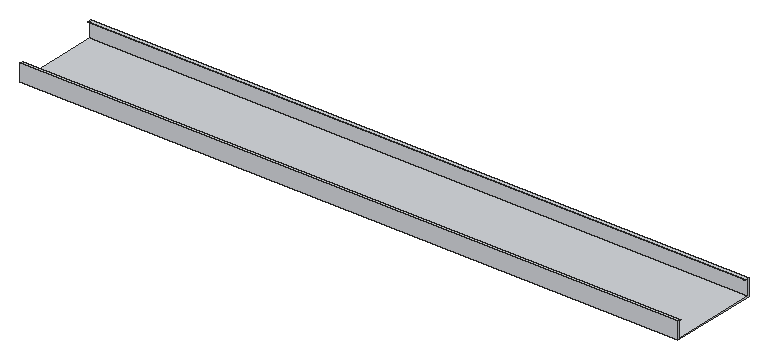
Revit family "SSMA Standard Stud", category Structural Framing, Revit 2026
Family settings
  Section Shape = Not Defined
  Material for Model Behavior = Other
  Always export as geometry = No
  Classification Number = 23.25.30.11.14.14
  Always vertical = Yes
  Cut with Voids When Loaded = No
  Symbolic Representation = From Family
  Shared = No
  Show family pre-cut in plan views = Yes
Parameters (values of type "1600S300-68mil, 50 ksi")
  Version = "2.0"
  URL = "http://www.steelnetwork.com/product.aspx/SSMA_SSectionStud"
  T = 0' - 0.0713"
  Stud_D = 1' - 0"
  Section_DB = 2
  Manufacturer = "The Steel Network, Inc."
  Length [instance] = 10' - 0"
  D = 1' - 4"
  C = 0' - 0 5/8"
  B = 0' - 3"
Types (412): name | T | D | C | B
  (no name) | 0' - 0 13/128" | 1' - 0 91/256" | 0' - 0 5/8" | 0' - 2"
  250S137-33mil, 33 ksi | 0' - 0.0346" | 0' - 2 1/2" | 0' - 0 3/8" | 0' - 1 3/8"
  250S137-43mil, 33 ksi | 0' - 0.0451" | 0' - 2 1/2" | 0' - 0 3/8" | 0' - 1 3/8"
  250S137-54mil, 33 ksi | 0' - 0.0566" | 0' - 2 1/2" | 0' - 0 3/8" | 0' - 1 3/8"
  250S137-54mil, 50 ksi | 0' - 0.0566" | 0' - 2 1/2" | 0' - 0 3/8" | 0' - 1 3/8"
  250S137-68mil, 33 ksi | 0' - 0.0713" | 0' - 2 1/2" | 0' - 0 3/8" | 0' - 1 3/8"
  250S137-68mil, 50 ksi | 0' - 0.0713" | 0' - 2 1/2" | 0' - 0 3/8" | 0' - 1 3/8"
  250S162-33mil, 33 ksi | 0' - 0.0346" | 0' - 2 1/2" | 0' - 0 1/2" | 0' - 1 5/8"
  250S162-43mil, 33 ksi | 0' - 0.0451" | 0' - 2 1/2" | 0' - 0 1/2" | 0' - 1 5/8"
  250S162-54mil, 33 ksi | 0' - 0.0566" | 0' - 2 1/2" | 0' - 0 1/2" | 0' - 1 5/8"
  250S162-54mil, 50 ksi | 0' - 0.0566" | 0' - 2 1/2" | 0' - 0 1/2" | 0' - 1 5/8"
  250S162-68mil, 33 ksi | 0' - 0.0713" | 0' - 2 1/2" | 0' - 0 1/2" | 0' - 1 5/8"
  250S162-68mil, 50 ksi | 0' - 0.0713" | 0' - 2 1/2" | 0' - 0 1/2" | 0' - 1 5/8"
  250S200-33mil, 33 ksi | 0' - 0.0346" | 0' - 2 1/2" | 0' - 0 5/8" | 0' - 2"
  250S200-43mil, 33 ksi | 0' - 0.0451" | 0' - 2 1/2" | 0' - 0 5/8" | 0' - 2"
  250S200-54mil, 33 ksi | 0' - 0.0566" | 0' - 2 1/2" | 0' - 0 5/8" | 0' - 2"
  250S200-54mil, 50 ksi | 0' - 0.0566" | 0' - 2 1/2" | 0' - 0 5/8" | 0' - 2"
  250S200-68mil, 33 ksi | 0' - 0.0713" | 0' - 2 1/2" | 0' - 0 5/8" | 0' - 2"
  250S200-68mil, 50 ksi | 0' - 0.0713" | 0' - 2 1/2" | 0' - 0 5/8" | 0' - 2"
  250S250-43mil, 33 ksi | 0' - 0.0451" | 0' - 2 1/2" | 0' - 0 5/8" | 0' - 2 1/2"
  250S250-54mil, 33 ksi | 0' - 0.0566" | 0' - 2 1/2" | 0' - 0 5/8" | 0' - 2 1/2"
  250S250-54mil, 50 ksi | 0' - 0.0566" | 0' - 2 1/2" | 0' - 0 5/8" | 0' - 2 1/2"
  250S250-68mil, 33 ksi | 0' - 0.0713" | 0' - 2 1/2" | 0' - 0 5/8" | 0' - 2 1/2"
  250S250-68mil, 50 ksi | 0' - 0.0713" | 0' - 2 1/2" | 0' - 0 5/8" | 0' - 2 1/2"
  350S137-33mil, 33 ksi | 0' - 0.0346" | 0' - 3 1/2" | 0' - 0 3/8" | 0' - 1 3/8"
  350S137-43mil, 33 ksi | 0' - 0.0451" | 0' - 3 1/2" | 0' - 0 3/8" | 0' - 1 3/8"
  350S137-54mil, 33 ksi | 0' - 0.0566" | 0' - 3 1/2" | 0' - 0 3/8" | 0' - 1 3/8"
  350S137-54mil, 50 ksi | 0' - 0.0566" | 0' - 3 1/2" | 0' - 0 3/8" | 0' - 1 3/8"
  350S137-68mil, 33 ksi | 0' - 0.0713" | 0' - 3 1/2" | 0' - 0 3/8" | 0' - 1 3/8"
  350S137-68mil, 50 ksi | 0' - 0.0713" | 0' - 3 1/2" | 0' - 0 3/8" | 0' - 1 3/8"
  350S162-33mil, 33 ksi | 0' - 0.0346" | 0' - 3 1/2" | 0' - 0 1/2" | 0' - 1 5/8"
  350S162-43mil, 33 ksi | 0' - 0.0451" | 0' - 3 1/2" | 0' - 0 1/2" | 0' - 1 5/8"
  350S162-54mil, 33 ksi | 0' - 0.0566" | 0' - 3 1/2" | 0' - 0 1/2" | 0' - 1 5/8"
  350S162-54mil, 50 ksi | 0' - 0.0566" | 0' - 3 1/2" | 0' - 0 1/2" | 0' - 1 5/8"
  350S162-68mil, 33 ksi | 0' - 0.0713" | 0' - 3 1/2" | 0' - 0 1/2" | 0' - 1 5/8"
  350S162-68mil, 50 ksi | 0' - 0.0713" | 0' - 3 1/2" | 0' - 0 1/2" | 0' - 1 5/8"
  350S162-97mil, 33 ksi | 0' - 0.1017" | 0' - 3 1/2" | 0' - 0 1/2" | 0' - 1 5/8"
  350S162-97mil, 50 ksi | 0' - 0.1017" | 0' - 3 1/2" | 0' - 0 1/2" | 0' - 1 5/8"
  350S200-33mil, 33 ksi | 0' - 0.0346" | 0' - 3 1/2" | 0' - 0 5/8" | 0' - 2"
  350S200-43mil, 33 ksi | 0' - 0.0451" | 0' - 3 1/2" | 0' - 0 5/8" | 0' - 2"
  350S200-54mil, 33 ksi | 0' - 0.0566" | 0' - 3 1/2" | 0' - 0 5/8" | 0' - 2"
  350S200-54mil, 50 ksi | 0' - 0.0566" | 0' - 3 1/2" | 0' - 0 5/8" | 0' - 2"
  350S200-68mil, 33 ksi | 0' - 0.0713" | 0' - 3 1/2" | 0' - 0 5/8" | 0' - 2"
  350S200-68mil, 50 ksi | 0' - 0.0713" | 0' - 3 1/2" | 0' - 0 5/8" | 0' - 2"
  350S200-97mil, 33 ksi | 0' - 0.1017" | 0' - 3 1/2" | 0' - 0 5/8" | 0' - 2"
  350S200-97mil, 50 ksi | 0' - 0.1017" | 0' - 3 1/2" | 0' - 0 5/8" | 0' - 2"
  350S250-43mil, 33 ksi | 0' - 0.0451" | 0' - 3 1/2" | 0' - 0 5/8" | 0' - 2 1/2"
  350S250-54mil, 33 ksi | 0' - 0.0566" | 0' - 3 1/2" | 0' - 0 5/8" | 0' - 2 1/2"
  350S250-54mil, 50 ksi | 0' - 0.0566" | 0' - 3 1/2" | 0' - 0 5/8" | 0' - 2 1/2"
  350S250-68mil, 33 ksi | 0' - 0.0713" | 0' - 3 1/2" | 0' - 0 5/8" | 0' - 2 1/2"
  350S250-68mil, 50 ksi | 0' - 0.0713" | 0' - 3 1/2" | 0' - 0 5/8" | 0' - 2 1/2"
  350S250-97mil, 33 ksi | 0' - 0.1017" | 0' - 3 1/2" | 0' - 0 5/8" | 0' - 2 1/2"
  350S250-97mil, 50 ksi | 0' - 0.1017" | 0' - 3 1/2" | 0' - 0 5/8" | 0' - 2 1/2"
  362S137-33mil, 33 ksi | 0' - 0.0346" | 0' - 3 5/8" | 0' - 0 3/8" | 0' - 1 3/8"
  362S137-43mil, 33 ksi | 0' - 0.0451" | 0' - 3 5/8" | 0' - 0 3/8" | 0' - 1 3/8"
  362S137-54mil, 33 ksi | 0' - 0.0566" | 0' - 3 5/8" | 0' - 0 3/8" | 0' - 1 3/8"
  362S137-54mil, 50 ksi | 0' - 0.0566" | 0' - 3 5/8" | 0' - 0 3/8" | 0' - 1 3/8"
  362S137-68mil, 33 ksi | 0' - 0.0713" | 0' - 3 5/8" | 0' - 0 3/8" | 0' - 1 3/8"
  362S137-68mil, 50 ksi | 0' - 0.0713" | 0' - 3 5/8" | 0' - 0 3/8" | 0' - 1 3/8"
  362S137-97mil, 33 ksi | 0' - 0.1017" | 0' - 3 5/8" | 0' - 0 3/8" | 0' - 1 3/8"
  362S137-97mil, 50 ksi | 0' - 0.1017" | 0' - 3 5/8" | 0' - 0 3/8" | 0' - 1 3/8"
  362S162-33mil, 33 ksi | 0' - 0.0346" | 0' - 3 5/8" | 0' - 0 1/2" | 0' - 1 5/8"
  362S162-43mil, 33 ksi | 0' - 0.0451" | 0' - 3 5/8" | 0' - 0 1/2" | 0' - 1 5/8"
  362S162-54mil, 33 ksi | 0' - 0.0566" | 0' - 3 5/8" | 0' - 0 1/2" | 0' - 1 5/8"
  362S162-54mil, 50 ksi | 0' - 0.0566" | 0' - 3 5/8" | 0' - 0 1/2" | 0' - 1 5/8"
  362S162-68mil, 33 ksi | 0' - 0.0713" | 0' - 3 5/8" | 0' - 0 1/2" | 0' - 1 5/8"
  362S162-68mil, 50 ksi | 0' - 0.0713" | 0' - 3 5/8" | 0' - 0 1/2" | 0' - 1 5/8"
  362S162-97mil, 33 ksi | 0' - 0.1017" | 0' - 3 5/8" | 0' - 0 1/2" | 0' - 1 5/8"
  362S162-97mil, 50 ksi | 0' - 0.1017" | 0' - 3 5/8" | 0' - 0 1/2" | 0' - 1 5/8"
  362S200-33mil, 33 ksi | 0' - 0.0346" | 0' - 3 5/8" | 0' - 0 5/8" | 0' - 2"
  362S200-43mil, 33 ksi | 0' - 0.0451" | 0' - 3 5/8" | 0' - 0 5/8" | 0' - 2"
  362S200-54mil, 33 ksi | 0' - 0.0566" | 0' - 3 5/8" | 0' - 0 5/8" | 0' - 2"
  362S200-54mil, 50 ksi | 0' - 0.0566" | 0' - 3 5/8" | 0' - 0 5/8" | 0' - 2"
  362S200-68mil, 33 ksi | 0' - 0.0713" | 0' - 3 5/8" | 0' - 0 5/8" | 0' - 2"
  362S200-68mil, 50 ksi | 0' - 0.0713" | 0' - 3 5/8" | 0' - 0 5/8" | 0' - 2"
  362S200-97mil, 33 ksi | 0' - 0.1017" | 0' - 3 5/8" | 0' - 0 5/8" | 0' - 2"
  362S200-97mil, 50 ksi | 0' - 0.1017" | 0' - 3 5/8" | 0' - 0 5/8" | 0' - 2"
  362S250-43mil, 33 ksi | 0' - 0.0451" | 0' - 3 5/8" | 0' - 0 5/8" | 0' - 2 1/2"
  362S250-54mil, 33 ksi | 0' - 0.0566" | 0' - 3 5/8" | 0' - 0 5/8" | 0' - 2 1/2"
  362S250-54mil, 50 ksi | 0' - 0.0566" | 0' - 3 5/8" | 0' - 0 5/8" | 0' - 2 1/2"
  362S250-68mil, 33 ksi | 0' - 0.0713" | 0' - 3 5/8" | 0' - 0 5/8" | 0' - 2 1/2"
  362S250-68mil, 50 ksi | 0' - 0.0713" | 0' - 3 5/8" | 0' - 0 5/8" | 0' - 2 1/2"
  362S250-97mil, 33 ksi | 0' - 0.1017" | 0' - 3 5/8" | 0' - 0 5/8" | 0' - 2 1/2"
  362S250-97mil, 50 ksi | 0' - 0.1017" | 0' - 3 5/8" | 0' - 0 5/8" | 0' - 2 1/2"
  400S137-33mil, 33 ksi | 0' - 0.0346" | 0' - 4" | 0' - 0 3/8" | 0' - 1 3/8"
  400S137-43mil, 33 ksi | 0' - 0.0451" | 0' - 4" | 0' - 0 3/8" | 0' - 1 3/8"
  400S137-54mil, 33 ksi | 0' - 0.0566" | 0' - 4" | 0' - 0 3/8" | 0' - 1 3/8"
  400S137-54mil, 50 ksi | 0' - 0.0566" | 0' - 4" | 0' - 0 3/8" | 0' - 1 3/8"
  400S137-68mil, 33 ksi | 0' - 0.0713" | 0' - 4" | 0' - 0 3/8" | 0' - 1 3/8"
  400S137-68mil, 50 ksi | 0' - 0.0713" | 0' - 4" | 0' - 0 3/8" | 0' - 1 3/8"
  400S137-97mil, 33 ksi | 0' - 0.1017" | 0' - 4" | 0' - 0 3/8" | 0' - 1 3/8"
  400S137-97mil, 50 ksi | 0' - 0.1017" | 0' - 4" | 0' - 0 3/8" | 0' - 1 3/8"
  400S162-33mil, 33 ksi | 0' - 0.0346" | 0' - 4" | 0' - 0 1/2" | 0' - 1 5/8"
  400S162-43mil, 33 ksi | 0' - 0.0451" | 0' - 4" | 0' - 0 1/2" | 0' - 1 5/8"
  400S162-54mil, 33 ksi | 0' - 0.0566" | 0' - 4" | 0' - 0 1/2" | 0' - 1 5/8"
  400S162-54mil, 50 ksi | 0' - 0.0566" | 0' - 4" | 0' - 0 1/2" | 0' - 1 5/8"
  400S162-68mil, 33 ksi | 0' - 0.0713" | 0' - 4" | 0' - 0 1/2" | 0' - 1 5/8"
  400S162-68mil, 50 ksi | 0' - 0.0713" | 0' - 4" | 0' - 0 1/2" | 0' - 1 5/8"
  400S162-97mil, 33 ksi | 0' - 0.1017" | 0' - 4" | 0' - 0 1/2" | 0' - 1 5/8"
  400S162-97mil, 50 ksi | 0' - 0.1017" | 0' - 4" | 0' - 0 1/2" | 0' - 1 5/8"
  400S200-33mil, 33 ksi | 0' - 0.0346" | 0' - 4" | 0' - 0 5/8" | 0' - 2"
  400S200-43mil, 33 ksi | 0' - 0.0451" | 0' - 4" | 0' - 0 5/8" | 0' - 2"
  400S200-54mil, 33 ksi | 0' - 0.0566" | 0' - 4" | 0' - 0 5/8" | 0' - 2"
  400S200-54mil, 50 ksi | 0' - 0.0566" | 0' - 4" | 0' - 0 5/8" | 0' - 2"
  400S200-68mil, 33 ksi | 0' - 0.0713" | 0' - 4" | 0' - 0 5/8" | 0' - 2"
  400S200-68mil, 50 ksi | 0' - 0.0713" | 0' - 4" | 0' - 0 5/8" | 0' - 2"
  400S200-97mil, 33 ksi | 0' - 0.1017" | 0' - 4" | 0' - 0 5/8" | 0' - 2"
  400S200-97mil, 50 ksi | 0' - 0.1017" | 0' - 4" | 0' - 0 5/8" | 0' - 2"
  400S250-43mil, 33 ksi | 0' - 0.0451" | 0' - 4" | 0' - 0 5/8" | 0' - 2 1/2"
  400S250-54mil, 33 ksi | 0' - 0.0566" | 0' - 4" | 0' - 0 5/8" | 0' - 2 1/2"
  400S250-54mil, 50 ksi | 0' - 0.0566" | 0' - 4" | 0' - 0 5/8" | 0' - 2 1/2"
  400S250-68mil, 33 ksi | 0' - 0.0713" | 0' - 4" | 0' - 0 5/8" | 0' - 2 1/2"
  400S250-68mil, 50 ksi | 0' - 0.0713" | 0' - 4" | 0' - 0 5/8" | 0' - 2 1/2"
  400S250-97mil, 33 ksi | 0' - 0.1017" | 0' - 4" | 0' - 0 5/8" | 0' - 2 1/2"
  400S250-97mil, 50 ksi | 0' - 0.1017" | 0' - 4" | 0' - 0 5/8" | 0' - 2 1/2"
  550S137-33mil, 33 ksi | 0' - 0.0346" | 0' - 5 1/2" | 0' - 0 3/8" | 0' - 1 3/8"
  550S137-43mil, 33 ksi | 0' - 0.0451" | 0' - 5 1/2" | 0' - 0 3/8" | 0' - 1 3/8"
  550S137-54mil, 33 ksi | 0' - 0.0566" | 0' - 5 1/2" | 0' - 0 3/8" | 0' - 1 3/8"
  550S137-54mil, 50 ksi | 0' - 0.0566" | 0' - 5 1/2" | 0' - 0 3/8" | 0' - 1 3/8"
  550S137-68mil, 33 ksi | 0' - 0.0713" | 0' - 5 1/2" | 0' - 0 3/8" | 0' - 1 3/8"
  550S137-68mil, 50 ksi | 0' - 0.0713" | 0' - 5 1/2" | 0' - 0 3/8" | 0' - 1 3/8"
  550S137-97mil, 33 ksi | 0' - 0.1017" | 0' - 5 1/2" | 0' - 0 3/8" | 0' - 1 3/8"
  550S137-97mil, 50 ksi | 0' - 0.1017" | 0' - 5 1/2" | 0' - 0 3/8" | 0' - 1 3/8"
  550S162-33mil, 33 ksi | 0' - 0.0346" | 0' - 5 1/2" | 0' - 0 1/2" | 0' - 1 5/8"
  550S162-43mil, 33 ksi | 0' - 0.0451" | 0' - 5 1/2" | 0' - 0 1/2" | 0' - 1 5/8"
  550S162-54mil, 33 ksi | 0' - 0.0566" | 0' - 5 1/2" | 0' - 0 1/2" | 0' - 1 5/8"
  550S162-54mil, 50 ksi | 0' - 0.0566" | 0' - 5 1/2" | 0' - 0 1/2" | 0' - 1 5/8"
  550S162-68mil, 33 ksi | 0' - 0.0713" | 0' - 5 1/2" | 0' - 0 1/2" | 0' - 1 5/8"
  550S162-68mil, 50 ksi | 0' - 0.0713" | 0' - 5 1/2" | 0' - 0 1/2" | 0' - 1 5/8"
  550S162-97mil, 33 ksi | 0' - 0.1017" | 0' - 5 1/2" | 0' - 0 1/2" | 0' - 1 5/8"
  550S162-97mil, 50 ksi | 0' - 0.1017" | 0' - 5 1/2" | 0' - 0 1/2" | 0' - 1 5/8"
  550S200-33mil, 33 ksi | 0' - 0.0346" | 0' - 5 1/2" | 0' - 0 5/8" | 0' - 2"
  550S200-43mil, 33 ksi | 0' - 0.0451" | 0' - 5 1/2" | 0' - 0 5/8" | 0' - 2"
  550S200-54mil, 33 ksi | 0' - 0.0566" | 0' - 5 1/2" | 0' - 0 5/8" | 0' - 2"
  550S200-54mil, 50 ksi | 0' - 0.0566" | 0' - 5 1/2" | 0' - 0 5/8" | 0' - 2"
  550S200-68mil, 33 ksi | 0' - 0.0713" | 0' - 5 1/2" | 0' - 0 5/8" | 0' - 2"
  550S200-68mil, 50 ksi | 0' - 0.0713" | 0' - 5 1/2" | 0' - 0 5/8" | 0' - 2"
  550S200-97mil, 33 ksi | 0' - 0.1017" | 0' - 5 1/2" | 0' - 0 5/8" | 0' - 2"
  550S200-97mil, 50 ksi | 0' - 0.1017" | 0' - 5 1/2" | 0' - 0 5/8" | 0' - 2"
  600S137-33mil, 33 ksi | 0' - 0.0346" | 0' - 6" | 0' - 0 3/8" | 0' - 1 3/8"
  600S137-43mil, 33 ksi | 0' - 0.0451" | 0' - 6" | 0' - 0 3/8" | 0' - 1 3/8"
  600S137-54mil, 33 ksi | 0' - 0.0566" | 0' - 6" | 0' - 0 3/8" | 0' - 1 3/8"
  600S137-54mil, 50 ksi | 0' - 0.0566" | 0' - 6" | 0' - 0 3/8" | 0' - 1 3/8"
  600S137-68mil, 33 ksi | 0' - 0.0713" | 0' - 6" | 0' - 0 3/8" | 0' - 1 3/8"
  600S137-68mil, 50 ksi | 0' - 0.0713" | 0' - 6" | 0' - 0 3/8" | 0' - 1 3/8"
  600S137-97mil, 33 ksi | 0' - 0.1017" | 0' - 6" | 0' - 0 3/8" | 0' - 1 3/8"
  600S137-97mil, 50 ksi | 0' - 0.1017" | 0' - 6" | 0' - 0 3/8" | 0' - 1 3/8"
  600S162-33mil, 33 ksi | 0' - 0.0346" | 0' - 6" | 0' - 0 1/2" | 0' - 1 5/8"
  600S162-43mil, 33 ksi | 0' - 0.0451" | 0' - 6" | 0' - 0 1/2" | 0' - 1 5/8"
  600S162-54mil, 33 ksi | 0' - 0.0566" | 0' - 6" | 0' - 0 1/2" | 0' - 1 5/8"
  600S162-54mil, 50 ksi | 0' - 0.0566" | 0' - 6" | 0' - 0 1/2" | 0' - 1 5/8"
  600S162-68mil, 33 ksi | 0' - 0.0713" | 0' - 6" | 0' - 0 1/2" | 0' - 1 5/8"
  600S162-68mil, 50 ksi | 0' - 0.0713" | 0' - 6" | 0' - 0 1/2" | 0' - 1 5/8"
  600S162-97mil, 33 ksi | 0' - 0.1017" | 0' - 6" | 0' - 0 1/2" | 0' - 1 5/8"
  600S162-97mil, 50 ksi | 0' - 0.1017" | 0' - 6" | 0' - 0 1/2" | 0' - 1 5/8"
  600S162-118mil, 50 ksi | 0' - 0.1242" | 0' - 6" | 0' - 0 1/2" | 0' - 1 5/8"
  600S200-33mil, 33 ksi | 0' - 0.0346" | 0' - 6" | 0' - 0 5/8" | 0' - 2"
  600S200-43mil, 33 ksi | 0' - 0.0451" | 0' - 6" | 0' - 0 5/8" | 0' - 2"
  600S200-54mil, 33 ksi | 0' - 0.0566" | 0' - 6" | 0' - 0 5/8" | 0' - 2"
  600S200-54mil, 50 ksi | 0' - 0.0566" | 0' - 6" | 0' - 0 5/8" | 0' - 2"
  600S200-68mil, 33 ksi | 0' - 0.0713" | 0' - 6" | 0' - 0 5/8" | 0' - 2"
  600S200-68mil, 50 ksi | 0' - 0.0713" | 0' - 6" | 0' - 0 5/8" | 0' - 2"
  600S200-97mil, 33 ksi | 0' - 0.1017" | 0' - 6" | 0' - 0 5/8" | 0' - 2"
  600S200-97mil, 50 ksi | 0' - 0.1017" | 0' - 6" | 0' - 0 5/8" | 0' - 2"
  600S200-118mil, 50 ksi | 0' - 0.1242" | 0' - 6" | 0' - 0 5/8" | 0' - 2"
  600S250-43mil, 33 ksi | 0' - 0.0451" | 0' - 6" | 0' - 0 5/8" | 0' - 2 1/2"
  600S250-54mil, 33 ksi | 0' - 0.0566" | 0' - 6" | 0' - 0 5/8" | 0' - 2 1/2"
  600S250-54mil, 50 ksi | 0' - 0.0566" | 0' - 6" | 0' - 0 5/8" | 0' - 2 1/2"
  600S250-68mil, 33 ksi | 0' - 0.0713" | 0' - 6" | 0' - 0 5/8" | 0' - 2 1/2"
  600S250-68mil, 50 ksi | 0' - 0.0713" | 0' - 6" | 0' - 0 5/8" | 0' - 2 1/2"
  600S250-97mil, 33 ksi | 0' - 0.1017" | 0' - 6" | 0' - 0 5/8" | 0' - 2 1/2"
  600S250-97mil, 50 ksi | 0' - 0.1017" | 0' - 6" | 0' - 0 5/8" | 0' - 2 1/2"
  600S250-118mil, 50 ksi | 0' - 0.1242" | 0' - 6" | 0' - 0 5/8" | 0' - 2 1/2"
  600S300-54mil, 33 ksi | 0' - 0.0566" | 0' - 6" | 0' - 0 5/8" | 0' - 3"
  600S300-54mil, 50 ksi | 0' - 0.0566" | 0' - 6" | 0' - 0 5/8" | 0' - 3"
  600S300-68mil, 33 ksi | 0' - 0.0713" | 0' - 6" | 0' - 0 5/8" | 0' - 3"
  600S300-68mil, 50 ksi | 0' - 0.0713" | 0' - 6" | 0' - 0 5/8" | 0' - 3"
  600S300-97mil, 33 ksi | 0' - 0.1017" | 0' - 6" | 0' - 0 5/8" | 0' - 3"
  600S300-97mil, 50 ksi | 0' - 0.1017" | 0' - 6" | 0' - 0 5/8" | 0' - 3"
  600S300-118mil, 50 ksi | 0' - 0.1242" | 0' - 6" | 0' - 0 5/8" | 0' - 3"
  600S350-54mil, 33 ksi | 0' - 0.0566" | 0' - 6" | 0' - 1" | 0' - 3 1/2"
  600S350-54mil, 50 ksi | 0' - 0.0566" | 0' - 6" | 0' - 1" | 0' - 3 1/2"
  600S350-68mil, 33 ksi | 0' - 0.0713" | 0' - 6" | 0' - 1" | 0' - 3 1/2"
  600S350-68mil, 50 ksi | 0' - 0.0713" | 0' - 6" | 0' - 1" | 0' - 3 1/2"
  600S350-97mil, 33 ksi | 0' - 0.1017" | 0' - 6" | 0' - 1" | 0' - 3 1/2"
  600S350-97mil, 50 ksi | 0' - 0.1017" | 0' - 6" | 0' - 1" | 0' - 3 1/2"
  600S350-118mil, 50 ksi | 0' - 0.1242" | 0' - 6" | 0' - 1" | 0' - 3 1/2"
  800S137-33mil, 33 ksi | 0' - 0.0346" | 0' - 8" | 0' - 0 3/8" | 0' - 1 3/8"
  800S137-43mil, 33 ksi | 0' - 0.0451" | 0' - 8" | 0' - 0 3/8" | 0' - 1 3/8"
  800S137-54mil, 33 ksi | 0' - 0.0566" | 0' - 8" | 0' - 0 3/8" | 0' - 1 3/8"
  800S137-54mil, 50 ksi | 0' - 0.0566" | 0' - 8" | 0' - 0 3/8" | 0' - 1 3/8"
  800S137-68mil, 33 ksi | 0' - 0.0713" | 0' - 8" | 0' - 0 3/8" | 0' - 1 3/8"
  800S137-68mil, 50 ksi | 0' - 0.0713" | 0' - 8" | 0' - 0 3/8" | 0' - 1 3/8"
  800S137-97mil, 33 ksi | 0' - 0.1017" | 0' - 8" | 0' - 0 3/8" | 0' - 1 3/8"
  800S137-97mil, 50 ksi | 0' - 0.1017" | 0' - 8" | 0' - 0 3/8" | 0' - 1 3/8"
  800S162-33mil, 33 ksi | 0' - 0.0346" | 0' - 8" | 0' - 0 1/2" | 0' - 1 5/8"
  800S162-43mil, 33 ksi | 0' - 0.0451" | 0' - 8" | 0' - 0 1/2" | 0' - 1 5/8"
  800S162-54mil, 33 ksi | 0' - 0.0566" | 0' - 8" | 0' - 0 1/2" | 0' - 1 5/8"
  800S162-54mil, 50 ksi | 0' - 0.0566" | 0' - 8" | 0' - 0 1/2" | 0' - 1 5/8"
  800S162-68mil, 33 ksi | 0' - 0.0713" | 0' - 8" | 0' - 0 1/2" | 0' - 1 5/8"
  800S162-68mil, 50 ksi | 0' - 0.0713" | 0' - 8" | 0' - 0 1/2" | 0' - 1 5/8"
  800S162-97mil, 33 ksi | 0' - 0.1017" | 0' - 8" | 0' - 0 1/2" | 0' - 1 5/8"
  800S162-97mil, 50 ksi | 0' - 0.1017" | 0' - 8" | 0' - 0 1/2" | 0' - 1 5/8"
  800S162-118mil, 50 ksi | 0' - 0.1242" | 0' - 8" | 0' - 0 1/2" | 0' - 1 5/8"
  800S200-33mil, 33 ksi | 0' - 0.0346" | 0' - 8" | 0' - 0 5/8" | 0' - 2"
  800S200-43mil, 33 ksi | 0' - 0.0451" | 0' - 8" | 0' - 0 5/8" | 0' - 2"
  800S200-54mil, 33 ksi | 0' - 0.0566" | 0' - 8" | 0' - 0 5/8" | 0' - 2"
  800S200-54mil, 50 ksi | 0' - 0.0566" | 0' - 8" | 0' - 0 5/8" | 0' - 2"
  800S200-68mil, 33 ksi | 0' - 0.0713" | 0' - 8" | 0' - 0 5/8" | 0' - 2"
  800S200-68mil, 50 ksi | 0' - 0.0713" | 0' - 8" | 0' - 0 5/8" | 0' - 2"
  800S200-97mil, 33 ksi | 0' - 0.1017" | 0' - 8" | 0' - 0 5/8" | 0' - 2"
  800S200-97mil, 50 ksi | 0' - 0.1017" | 0' - 8" | 0' - 0 5/8" | 0' - 2"
  800S200-118mil, 50 ksi | 0' - 0.1242" | 0' - 8" | 0' - 0 5/8" | 0' - 2"
  800S250-43mil, 33 ksi | 0' - 0.0451" | 0' - 8" | 0' - 0 5/8" | 0' - 2 1/2"
  800S250-54mil, 33 ksi | 0' - 0.0566" | 0' - 8" | 0' - 0 5/8" | 0' - 2 1/2"
  800S250-54mil, 50 ksi | 0' - 0.0566" | 0' - 8" | 0' - 0 5/8" | 0' - 2 1/2"
  800S250-68mil, 33 ksi | 0' - 0.0713" | 0' - 8" | 0' - 0 5/8" | 0' - 2 1/2"
  800S250-68mil, 50 ksi | 0' - 0.0713" | 0' - 8" | 0' - 0 5/8" | 0' - 2 1/2"
  800S250-97mil, 33 ksi | 0' - 0.1017" | 0' - 8" | 0' - 0 5/8" | 0' - 2 1/2"
  800S250-97mil, 50 ksi | 0' - 0.1017" | 0' - 8" | 0' - 0 5/8" | 0' - 2 1/2"
  800S250-118mil, 50 ksi | 0' - 0.1242" | 0' - 8" | 0' - 0 5/8" | 0' - 2 1/2"
  800S300-54mil, 33 ksi | 0' - 0.0566" | 0' - 8" | 0' - 0 5/8" | 0' - 3"
  800S300-54mil, 50 ksi | 0' - 0.0566" | 0' - 8" | 0' - 0 5/8" | 0' - 3"
  800S300-68mil, 33 ksi | 0' - 0.0713" | 0' - 8" | 0' - 0 5/8" | 0' - 3"
  800S300-68mil, 50 ksi | 0' - 0.0713" | 0' - 8" | 0' - 0 5/8" | 0' - 3"
  800S300-97mil, 33 ksi | 0' - 0.1017" | 0' - 8" | 0' - 0 5/8" | 0' - 3"
  800S300-97mil, 50 ksi | 0' - 0.1017" | 0' - 8" | 0' - 0 5/8" | 0' - 3"
  800S300-118mil, 50 ksi | 0' - 0.1242" | 0' - 8" | 0' - 0 5/8" | 0' - 3"
  800S350-54mil, 33 ksi | 0' - 0.0566" | 0' - 8" | 0' - 1" | 0' - 3 1/2"
  800S350-54mil, 50 ksi | 0' - 0.0566" | 0' - 8" | 0' - 1" | 0' - 3 1/2"
  800S350-68mil, 33 ksi | 0' - 0.0713" | 0' - 8" | 0' - 1" | 0' - 3 1/2"
  800S350-68mil, 50 ksi | 0' - 0.0713" | 0' - 8" | 0' - 1" | 0' - 3 1/2"
  800S350-97mil, 33 ksi | 0' - 0.1017" | 0' - 8" | 0' - 1" | 0' - 3 1/2"
  800S350-97mil, 50 ksi | 0' - 0.1017" | 0' - 8" | 0' - 1" | 0' - 3 1/2"
  800S350-118mil, 50 ksi | 0' - 0.1242" | 0' - 8" | 0' - 1" | 0' - 3 1/2"
  925S162-43mil, 33 ksi | 0' - 0.0451" | 0' - 9 1/4" | 0' - 0 1/2" | 0' - 1 5/8"
  925S162-54mil, 33 ksi | 0' - 0.0566" | 0' - 9 1/4" | 0' - 0 1/2" | 0' - 1 5/8"
  925S162-54mil, 50 ksi | 0' - 0.0566" | 0' - 9 1/4" | 0' - 0 1/2" | 0' - 1 5/8"
  925S162-68mil, 33 ksi | 0' - 0.0713" | 0' - 9 1/4" | 0' - 0 1/2" | 0' - 1 5/8"
  925S162-68mil, 50 ksi | 0' - 0.0713" | 0' - 9 1/4" | 0' - 0 1/2" | 0' - 1 5/8"
  925S162-97mil, 33 ksi | 0' - 0.1017" | 0' - 9 1/4" | 0' - 0 1/2" | 0' - 1 5/8"
  925S162-97mil, 50 ksi | 0' - 0.1017" | 0' - 9 1/4" | 0' - 0 1/2" | 0' - 1 5/8"
  925S200-43mil, 33 ksi | 0' - 0.0451" | 0' - 9 1/4" | 0' - 0 5/8" | 0' - 2"
  925S200-54mil, 33 ksi | 0' - 0.0566" | 0' - 9 1/4" | 0' - 0 5/8" | 0' - 2"
  925S200-54mil, 50 ksi | 0' - 0.0566" | 0' - 9 1/4" | 0' - 0 5/8" | 0' - 2"
  925S200-68mil, 33 ksi | 0' - 0.0713" | 0' - 9 1/4" | 0' - 0 5/8" | 0' - 2"
  925S200-68mil, 50 ksi | 0' - 0.0713" | 0' - 9 1/4" | 0' - 0 5/8" | 0' - 2"
  925S200-97mil, 33 ksi | 0' - 0.1017" | 0' - 9 1/4" | 0' - 0 5/8" | 0' - 2"
  925S200-97mil, 50 ksi | 0' - 0.1017" | 0' - 9 1/4" | 0' - 0 5/8" | 0' - 2"
  925S250-43mil, 33 ksi | 0' - 0.0451" | 0' - 9 1/4" | 0' - 0 5/8" | 0' - 2 1/2"
  925S250-54mil, 33 ksi | 0' - 0.0566" | 0' - 9 1/4" | 0' - 0 5/8" | 0' - 2 1/2"
  925S250-54mil, 50 ksi | 0' - 0.0566" | 0' - 9 1/4" | 0' - 0 5/8" | 0' - 2 1/2"
  925S250-68mil, 33 ksi | 0' - 0.0713" | 0' - 9 1/4" | 0' - 0 5/8" | 0' - 2 1/2"
  925S250-68mil, 50 ksi | 0' - 0.0713" | 0' - 9 1/4" | 0' - 0 5/8" | 0' - 2 1/2"
  925S250-97mil, 33 ksi | 0' - 0.1017" | 0' - 9 1/4" | 0' - 0 5/8" | 0' - 2 1/2"
  925S250-97mil, 50 ksi | 0' - 0.1017" | 0' - 9 1/4" | 0' - 0 5/8" | 0' - 2 1/2"
  1000S137-43mil, 33 ksi | 0' - 0.0451" | 0' - 10" | 0' - 0 3/8" | 0' - 1 3/8"
  1000S137-54mil, 33 ksi | 0' - 0.0566" | 0' - 10" | 0' - 0 3/8" | 0' - 1 3/8"
  1000S137-54mil, 50 ksi | 0' - 0.0566" | 0' - 10" | 0' - 0 3/8" | 0' - 1 3/8"
  1000S137-68mil, 33 ksi | 0' - 0.0713" | 0' - 10" | 0' - 0 3/8" | 0' - 1 3/8"
  1000S137-68mil, 50 ksi | 0' - 0.0713" | 0' - 10" | 0' - 0 3/8" | 0' - 1 3/8"
  1000S162-43mil, 33 ksi | 0' - 0.0451" | 0' - 10" | 0' - 0 1/2" | 0' - 1 5/8"
  1000S162-54mil, 33 ksi | 0' - 0.0566" | 0' - 10" | 0' - 0 1/2" | 0' - 1 5/8"
  1000S162-54mil, 50 ksi | 0' - 0.0566" | 0' - 10" | 0' - 0 1/2" | 0' - 1 5/8"
  1000S162-68mil, 33 ksi | 0' - 0.0713" | 0' - 10" | 0' - 0 1/2" | 0' - 1 5/8"
  1000S162-68mil, 50 ksi | 0' - 0.0713" | 0' - 10" | 0' - 0 1/2" | 0' - 1 5/8"
  1000S162-97mil, 33 ksi | 0' - 0.1017" | 0' - 10" | 0' - 0 1/2" | 0' - 1 5/8"
  1000S162-97mil, 50 ksi | 0' - 0.1017" | 0' - 10" | 0' - 0 1/2" | 0' - 1 5/8"
  1000S162-118mil, 50 ksi | 0' - 0.1242" | 0' - 10" | 0' - 0 1/2" | 0' - 1 5/8"
  1000S200-43mil, 33 ksi | 0' - 0.0451" | 0' - 10" | 0' - 0 5/8" | 0' - 2"
  1000S200-54mil, 33 ksi | 0' - 0.0566" | 0' - 10" | 0' - 0 5/8" | 0' - 2"
  1000S200-54mil, 50 ksi | 0' - 0.0566" | 0' - 10" | 0' - 0 5/8" | 0' - 2"
  1000S200-68mil, 33 ksi | 0' - 0.0713" | 0' - 10" | 0' - 0 5/8" | 0' - 2"
  1000S200-68mil, 50 ksi | 0' - 0.0713" | 0' - 10" | 0' - 0 5/8" | 0' - 2"
  1000S200-97mil, 33 ksi | 0' - 0.1017" | 0' - 10" | 0' - 0 5/8" | 0' - 2"
  1000S200-97mil, 50 ksi | 0' - 0.1017" | 0' - 10" | 0' - 0 5/8" | 0' - 2"
  1000S200-118mil, 50 ksi | 0' - 0.1242" | 0' - 10" | 0' - 0 5/8" | 0' - 2"
  1000S250-43mil, 33 ksi | 0' - 0.0451" | 0' - 10" | 0' - 0 5/8" | 0' - 2 1/2"
  1000S250-54mil, 33 ksi | 0' - 0.0566" | 0' - 10" | 0' - 0 5/8" | 0' - 2 1/2"
  1000S250-54mil, 50 ksi | 0' - 0.0566" | 0' - 10" | 0' - 0 5/8" | 0' - 2 1/2"
  1000S250-68mil, 33 ksi | 0' - 0.0713" | 0' - 10" | 0' - 0 5/8" | 0' - 2 1/2"
  1000S250-68mil, 50 ksi | 0' - 0.0713" | 0' - 10" | 0' - 0 5/8" | 0' - 2 1/2"
  1000S250-97mil, 33 ksi | 0' - 0.1017" | 0' - 10" | 0' - 0 5/8" | 0' - 2 1/2"
  1000S250-97mil, 50 ksi | 0' - 0.1017" | 0' - 10" | 0' - 0 5/8" | 0' - 2 1/2"
  1000S250-118mil, 50 ksi | 0' - 0.1242" | 0' - 10" | 0' - 0 5/8" | 0' - 2 1/2"
  1000S300-54mil, 33 ksi | 0' - 0.0566" | 0' - 10" | 0' - 0 5/8" | 0' - 3"
  1000S300-54mil, 50 ksi | 0' - 0.0566" | 0' - 10" | 0' - 0 5/8" | 0' - 3"
  1000S300-68mil, 33 ksi | 0' - 0.0713" | 0' - 10" | 0' - 0 5/8" | 0' - 3"
  1000S300-68mil, 50 ksi | 0' - 0.0713" | 0' - 10" | 0' - 0 5/8" | 0' - 3"
  1000S300-97mil, 33 ksi | 0' - 0.1017" | 0' - 10" | 0' - 0 5/8" | 0' - 3"
  1000S300-97mil, 50 ksi | 0' - 0.1017" | 0' - 10" | 0' - 0 5/8" | 0' - 3"
  1000S300-118mil, 50 ksi | 0' - 0.1242" | 0' - 10" | 0' - 0 5/8" | 0' - 3"
  1000S350-54mil, 33 ksi | 0' - 0.0566" | 0' - 10" | 0' - 1" | 0' - 3 1/2"
  1000S350-54mil, 50 ksi | 0' - 0.0566" | 0' - 10" | 0' - 1" | 0' - 3 1/2"
  1000S350-68mil, 33 ksi | 0' - 0.0713" | 0' - 10" | 0' - 1" | 0' - 3 1/2"
  1000S350-68mil, 50 ksi | 0' - 0.0713" | 0' - 10" | 0' - 1" | 0' - 3 1/2"
  1000S350-97mil, 33 ksi | 0' - 0.1017" | 0' - 10" | 0' - 1" | 0' - 3 1/2"
  1000S350-97mil, 50 ksi | 0' - 0.1017" | 0' - 10" | 0' - 1" | 0' - 3 1/2"
  1000S350-118mil, 50 ksi | 0' - 0.1242" | 0' - 10" | 0' - 1" | 0' - 3 1/2"
  1150S162-54mil, 33 ksi | 0' - 0.0566" | 0' - 11 1/2" | 0' - 0 1/2" | 0' - 1 5/8"
  1150S162-54mil, 50 ksi | 0' - 0.0566" | 0' - 11 1/2" | 0' - 0 1/2" | 0' - 1 5/8"
  1150S162-68mil, 33 ksi | 0' - 0.0713" | 0' - 11 1/2" | 0' - 0 1/2" | 0' - 1 5/8"
  1150S162-68mil, 50 ksi | 0' - 0.0713" | 0' - 11 1/2" | 0' - 0 1/2" | 0' - 1 5/8"
  1150S162-97mil, 33 ksi | 0' - 0.1017" | 0' - 11 1/2" | 0' - 0 1/2" | 0' - 1 5/8"
  1150S162-97mil, 50 ksi | 0' - 0.1017" | 0' - 11 1/2" | 0' - 0 1/2" | 0' - 1 5/8"
  1150S200-54mil, 33 ksi | 0' - 0.0566" | 0' - 11 1/2" | 0' - 0 5/8" | 0' - 2"
  1150S200-54mil, 50 ksi | 0' - 0.0566" | 0' - 11 1/2" | 0' - 0 5/8" | 0' - 2"
  1150S200-68mil, 33 ksi | 0' - 0.0713" | 0' - 11 1/2" | 0' - 0 5/8" | 0' - 2"
  1150S200-68mil, 50 ksi | 0' - 0.0713" | 0' - 11 1/2" | 0' - 0 5/8" | 0' - 2"
  1150S200-97mil, 33 ksi | 0' - 0.1017" | 0' - 11 1/2" | 0' - 0 5/8" | 0' - 2"
  1150S200-97mil, 50 ksi | 0' - 0.1017" | 0' - 11 1/2" | 0' - 0 5/8" | 0' - 2"
  1150S250-54mil, 33 ksi | 0' - 0.0566" | 0' - 11 1/2" | 0' - 0 5/8" | 0' - 2 1/2"
  1150S250-54mil, 50 ksi | 0' - 0.0566" | 0' - 11 1/2" | 0' - 0 5/8" | 0' - 2 1/2"
  1150S250-68mil, 33 ksi | 0' - 0.0713" | 0' - 11 1/2" | 0' - 0 5/8" | 0' - 2 1/2"
  1150S250-68mil, 50 ksi | 0' - 0.0713" | 0' - 11 1/2" | 0' - 0 5/8" | 0' - 2 1/2"
  1150S250-97mil, 33 ksi | 0' - 0.1017" | 0' - 11 1/2" | 0' - 0 5/8" | 0' - 2 1/2"
  1150S250-97mil, 50 ksi | 0' - 0.1017" | 0' - 11 1/2" | 0' - 0 5/8" | 0' - 2 1/2"
  1200S137-54mil, 33 ksi | 0' - 0.0566" | 1' - 0" | 0' - 0 3/8" | 0' - 1 3/8"
  1200S137-54mil, 50 ksi | 0' - 0.0566" | 1' - 0" | 0' - 0 3/8" | 0' - 1 3/8"
  1200S137-68mil, 33 ksi | 0' - 0.0713" | 1' - 0" | 0' - 0 3/8" | 0' - 1 3/8"
  1200S137-68mil, 50 ksi | 0' - 0.0713" | 1' - 0" | 0' - 0 3/8" | 0' - 1 3/8"
  1200S137-97mil, 33 ksi | 0' - 0.1017" | 1' - 0" | 0' - 0 3/8" | 0' - 1 3/8"
  1200S137-97mil, 50 ksi | 0' - 0.1017" | 1' - 0" | 0' - 0 3/8" | 0' - 1 3/8"
  1200S162-54mil, 33 ksi | 0' - 0.0566" | 1' - 0" | 0' - 0 1/2" | 0' - 1 5/8"
  1200S162-54mil, 50 ksi | 0' - 0.0566" | 1' - 0" | 0' - 0 1/2" | 0' - 1 5/8"
  1200S162-68mil, 33 ksi | 0' - 0.0713" | 1' - 0" | 0' - 0 1/2" | 0' - 1 5/8"
  1200S162-68mil, 50 ksi | 0' - 0.0713" | 1' - 0" | 0' - 0 1/2" | 0' - 1 5/8"
  1200S162-97mil, 33 ksi | 0' - 0.1017" | 1' - 0" | 0' - 0 1/2" | 0' - 1 5/8"
  1200S162-97mil, 50 ksi | 0' - 0.1017" | 1' - 0" | 0' - 0 1/2" | 0' - 1 5/8"
  1200S162-118mil, 50 ksi | 0' - 0.1242" | 1' - 0" | 0' - 0 1/2" | 0' - 1 5/8"
  1200S200-54mil, 33 ksi | 0' - 0.0566" | 1' - 0" | 0' - 0 5/8" | 0' - 2"
  1200S200-54mil, 50 ksi | 0' - 0.0566" | 1' - 0" | 0' - 0 5/8" | 0' - 2"
  1200S200-68mil, 33 ksi | 0' - 0.0713" | 1' - 0" | 0' - 0 5/8" | 0' - 2"
  1200S200-68mil, 50 ksi | 0' - 0.0713" | 1' - 0" | 0' - 0 5/8" | 0' - 2"
  1200S200-97mil, 33 ksi | 0' - 0.1017" | 1' - 0" | 0' - 0 5/8" | 0' - 2"
  1200S200-97mil, 50 ksi | 0' - 0.1017" | 1' - 0" | 0' - 0 5/8" | 0' - 2"
  1200S200-118mil, 50 ksi | 0' - 0.1242" | 1' - 0" | 0' - 0 5/8" | 0' - 2"
  1200S250-54mil, 33 ksi | 0' - 0.0566" | 1' - 0" | 0' - 0 5/8" | 0' - 2 1/2"
  1200S250-54mil, 50 ksi | 0' - 0.0566" | 1' - 0" | 0' - 0 5/8" | 0' - 2 1/2"
  1200S250-68mil, 33 ksi | 0' - 0.0713" | 1' - 0" | 0' - 0 5/8" | 0' - 2 1/2"
  1200S250-68mil, 50 ksi | 0' - 0.0713" | 1' - 0" | 0' - 0 5/8" | 0' - 2 1/2"
  1200S250-97mil, 33 ksi | 0' - 0.1017" | 1' - 0" | 0' - 0 5/8" | 0' - 2 1/2"
  1200S250-97mil, 50 ksi | 0' - 0.1017" | 1' - 0" | 0' - 0 5/8" | 0' - 2 1/2"
  1200S250-118mil, 50 ksi | 0' - 0.1242" | 1' - 0" | 0' - 0 5/8" | 0' - 2 1/2"
  1200S300-54mil, 33 ksi | 0' - 0.0566" | 1' - 0" | 0' - 0 5/8" | 0' - 3"
  1200S300-54mil, 50 ksi | 0' - 0.0566" | 1' - 0" | 0' - 0 5/8" | 0' - 3"
  1200S300-68mil, 33 ksi | 0' - 0.0713" | 1' - 0" | 0' - 0 5/8" | 0' - 3"
  1200S300-68mil, 50 ksi | 0' - 0.0713" | 1' - 0" | 0' - 0 5/8" | 0' - 3"
  1200S300-97mil, 33 ksi | 0' - 0.1017" | 1' - 0" | 0' - 0 5/8" | 0' - 3"
  1200S300-97mil, 50 ksi | 0' - 0.1017" | 1' - 0" | 0' - 0 5/8" | 0' - 3"
  1200S300-118mil, 50 ksi | 0' - 0.1242" | 1' - 0" | 0' - 0 5/8" | 0' - 3"
  1200S350-54mil, 33 ksi | 0' - 0.0566" | 1' - 0" | 0' - 1" | 0' - 3 1/2"
  1200S350-54mil, 50 ksi | 0' - 0.0566" | 1' - 0" | 0' - 1" | 0' - 3 1/2"
  1200S350-68mil, 33 ksi | 0' - 0.0713" | 1' - 0" | 0' - 1" | 0' - 3 1/2"
  1200S350-68mil, 50 ksi | 0' - 0.0713" | 1' - 0" | 0' - 1" | 0' - 3 1/2"
  1200S350-97mil, 33 ksi | 0' - 0.1017" | 1' - 0" | 0' - 1" | 0' - 3 1/2"
  1200S350-97mil, 50 ksi | 0' - 0.1017" | 1' - 0" | 0' - 1" | 0' - 3 1/2"
  1200S350-118mil, 50 ksi | 0' - 0.1242" | 1' - 0" | 0' - 1" | 0' - 3 1/2"
  1400S137-54mil, 33 ksi | 0' - 0.0566" | 1' - 2" | 0' - 0 3/8" | 0' - 1 3/8"
  1400S137-54mil, 50 ksi | 0' - 0.0566" | 1' - 2" | 0' - 0 3/8" | 0' - 1 3/8"
  1400S137-68mil, 33 ksi | 0' - 0.0713" | 1' - 2" | 0' - 0 3/8" | 0' - 1 3/8"
  1400S137-68mil, 50 ksi | 0' - 0.0713" | 1' - 2" | 0' - 0 3/8" | 0' - 1 3/8"
  1400S137-97mil, 33 ksi | 0' - 0.1017" | 1' - 2" | 0' - 0 3/8" | 0' - 1 3/8"
  1400S137-97mil, 50 ksi | 0' - 0.1017" | 1' - 2" | 0' - 0 3/8" | 0' - 1 3/8"
  1400S162-54mil, 33 ksi | 0' - 0.0566" | 1' - 2" | 0' - 0 1/2" | 0' - 1 5/8"
  1400S162-54mil, 50 ksi | 0' - 0.0566" | 1' - 2" | 0' - 0 1/2" | 0' - 1 5/8"
  1400S162-68mil, 33 ksi | 0' - 0.0713" | 1' - 2" | 0' - 0 1/2" | 0' - 1 5/8"
  1400S162-68mil, 50 ksi | 0' - 0.0713" | 1' - 2" | 0' - 0 1/2" | 0' - 1 5/8"
  1400S162-97mil, 33 ksi | 0' - 0.1017" | 1' - 2" | 0' - 0 1/2" | 0' - 1 5/8"
  1400S162-97mil, 50 ksi | 0' - 0.1017" | 1' - 2" | 0' - 0 1/2" | 0' - 1 5/8"
  1400S162-118mil, 50 ksi | 0' - 0.1242" | 1' - 2" | 0' - 0 1/2" | 0' - 1 5/8"
  1400S200-54mil, 33 ksi | 0' - 0.0566" | 1' - 2" | 0' - 0 5/8" | 0' - 2"
  1400S200-54mil, 50 ksi | 0' - 0.0566" | 1' - 2" | 0' - 0 5/8" | 0' - 2"
  1400S200-68mil, 33 ksi | 0' - 0.0713" | 1' - 2" | 0' - 0 5/8" | 0' - 2"
  1400S200-68mil, 50 ksi | 0' - 0.0713" | 1' - 2" | 0' - 0 5/8" | 0' - 2"
  1400S200-97mil, 33 ksi | 0' - 0.1017" | 1' - 2" | 0' - 0 5/8" | 0' - 2"
  1400S200-97mil, 50 ksi | 0' - 0.1017" | 1' - 2" | 0' - 0 5/8" | 0' - 2"
  1400S200-118mil, 50 ksi | 0' - 0.1242" | 1' - 2" | 0' - 0 5/8" | 0' - 2"
  1400S250-54mil, 33 ksi | 0' - 0.0566" | 1' - 2" | 0' - 0 5/8" | 0' - 2 1/2"
  1400S250-54mil, 50 ksi | 0' - 0.0566" | 1' - 2" | 0' - 0 5/8" | 0' - 2 1/2"
  1400S250-68mil, 33 ksi | 0' - 0.0713" | 1' - 2" | 0' - 0 5/8" | 0' - 2 1/2"
  1400S250-68mil, 50 ksi | 0' - 0.0713" | 1' - 2" | 0' - 0 5/8" | 0' - 2 1/2"
  1400S250-97mil, 33 ksi | 0' - 0.1017" | 1' - 2" | 0' - 0 5/8" | 0' - 2 1/2"
  1400S250-97mil, 50 ksi | 0' - 0.1017" | 1' - 2" | 0' - 0 5/8" | 0' - 2 1/2"
  1400S250-118mil, 50 ksi | 0' - 0.1242" | 1' - 2" | 0' - 0 5/8" | 0' - 2 1/2"
  1400S300-68mil, 33 ksi | 0' - 0.0713" | 1' - 2" | 0' - 0 5/8" | 0' - 3"
  1400S300-68mil, 50 ksi | 0' - 0.0713" | 1' - 2" | 0' - 0 5/8" | 0' - 3"
  1400S300-97mil, 33 ksi | 0' - 0.1017" | 1' - 2" | 0' - 0 5/8" | 0' - 3"
  1400S300-97mil, 50 ksi | 0' - 0.1017" | 1' - 2" | 0' - 0 5/8" | 0' - 3"
  1400S300-118mil, 50 ksi | 0' - 0.1242" | 1' - 2" | 0' - 0 5/8" | 0' - 3"
  1400S350-68mil, 33 ksi | 0' - 0.0713" | 1' - 2" | 0' - 1" | 0' - 3 1/2"
  1400S350-68mil, 50 ksi | 0' - 0.0713" | 1' - 2" | 0' - 1" | 0' - 3 1/2"
  1400S350-97mil, 33 ksi | 0' - 0.1017" | 1' - 2" | 0' - 1" | 0' - 3 1/2"
  1400S350-97mil, 50 ksi | 0' - 0.1017" | 1' - 2" | 0' - 1" | 0' - 3 1/2"
  1400S350-118mil, 50 ksi | 0' - 0.1242" | 1' - 2" | 0' - 1" | 0' - 3 1/2"
  1600S162-68mil, 33 ksi | 0' - 0.0713" | 1' - 4" | 0' - 0 1/2" | 0' - 1 5/8"
  1600S162-68mil, 50 ksi | 0' - 0.0713" | 1' - 4" | 0' - 0 1/2" | 0' - 1 5/8"
  1600S162-97mil, 33 ksi | 0' - 0.1017" | 1' - 4" | 0' - 0 1/2" | 0' - 1 5/8"
  1600S162-97mil, 50 ksi | 0' - 0.1017" | 1' - 4" | 0' - 0 1/2" | 0' - 1 5/8"
  1600S162-118mil, 50 ksi | 0' - 0.1242" | 1' - 4" | 0' - 0 1/2" | 0' - 1 5/8"
  1600S200-68mil, 33 ksi | 0' - 0.0713" | 1' - 4" | 0' - 0 5/8" | 0' - 2"
  1600S200-68mil, 50 ksi | 0' - 0.0713" | 1' - 4" | 0' - 0 5/8" | 0' - 2"
  1600S200-97mil, 33 ksi | 0' - 0.1017" | 1' - 4" | 0' - 0 5/8" | 0' - 2"
  1600S200-97mil, 50 ksi | 0' - 0.1017" | 1' - 4" | 0' - 0 5/8" | 0' - 2"
  1600S200-118mil, 50 ksi | 0' - 0.1242" | 1' - 4" | 0' - 0 5/8" | 0' - 2"
  1600S250-68mil, 33 ksi | 0' - 0.0713" | 1' - 4" | 0' - 0 5/8" | 0' - 2 1/2"
  1600S250-68mil, 50 ksi | 0' - 0.0713" | 1' - 4" | 0' - 0 5/8" | 0' - 2 1/2"
  1600S250-97mil, 33 ksi | 0' - 0.1017" | 1' - 4" | 0' - 0 5/8" | 0' - 2 1/2"
  1600S250-97mil, 50 ksi | 0' - 0.1017" | 1' - 4" | 0' - 0 5/8" | 0' - 2 1/2"
  1600S250-118mil, 50 ksi | 0' - 0.1242" | 1' - 4" | 0' - 0 5/8" | 0' - 2 1/2"
  1600S300-68mil, 33 ksi | 0' - 0.0713" | 1' - 4" | 0' - 0 5/8" | 0' - 3"
  1600S300-68mil, 50 ksi | 0' - 0.0713" | 1' - 4" | 0' - 0 5/8" | 0' - 3"
Reference planes (in)
  plane 1 "Center (Front/Back)": y = 0
  plane 2 "Center El.": z = 0
  plane 3 "Center (Left/Right)": x = 0
  plane 4 "Left": x = -60
  plane 5 "Right": x = 60
  plane 6: z = 0
  plane 7: z = 3
  plane 8: y = -8
  plane 9: y = 8
  plane 10: y = -7.375
  plane 11: y = 7.375
Forms (in)
  Extrusion 1, solid
    sketch origin (60, 0, 0) x (0, -1, 0) y (0, 0, 1)
      loop
        line (8, 3) -> (7.375, 3) -> (7.375, 2.9287) -> (7.9287, 2.9287) -> (7.9287, 0.0713) -> (-7.9287, 0.0713) -> (-7.9287, 2.9287) -> (-7.375, 2.9287) -> (-7.375, 3) -> (-8, 3) -> (-8, 0) -> (8, 0) -> (8, 3)
    from 0 to 120
Lines and regions (in)
  model lines, style "Stick Symbols", detail levels coarse
    curve 1: line (-60, 0, 0) -> (60, 0, 0)
Dimensions and locks (in)
  equal spacing: plane 4 "Left", plane 3 "Center (Left/Right)", plane 5 "Right"
  "Length": plane 4 "Left" to plane 5 "Right"
  equal spacing: plane 8, plane 1 "Center (Front/Back)", plane 9
  "D": plane 8 to plane 9
  "B": plane 7 to plane 6
  "T": Extrusion 1 to plane 6
  "T": plane 8 to Extrusion 1
  "T": Extrusion 1 to plane 9
  "C": plane 8 to plane 10
  "C": plane 11 to plane 9
  "T": Extrusion 1 to Extrusion 1  (x2)
  aligned and locked: plane 1 "Center (Front/Back)" to curve 1
  aligned and locked: Extrusion 1 to plane 6
  aligned and locked: plane 9 to Extrusion 1
  aligned and locked: Extrusion 1 to plane 8
  aligned and locked: Extrusion 1 to plane 5 "Right"
  aligned and locked: plane 4 "Left" to Extrusion 1
  aligned and locked: plane 10 to Extrusion 1
  aligned and locked: plane 11 to Extrusion 1
Automatic sketch dimensions
  curve 1 to plane 4 "Left" = 0' - 0"
  curve 1 to plane 5 "Right" = 0' - 0"
  Extrusion 1 sketch curve to plane 7 = 0' - 0"  (x2)
  Extrusion 1 sketch curve to plane 9 = 0' - 0"
  plane 11 to Extrusion 1 sketch curve = 0' - 0"
  Extrusion 1 sketch curve to plane 10 = 0' - 0"
  Extrusion 1 sketch curve to level = 0' - 0"
  Extrusion 1 sketch curve to plane 8 = 0' - 0"
  Extrusion 1 sketch curve to plane 9 = 0' - 0.0713"
  plane 8 to Extrusion 1 sketch curve = 0' - 0.0713"
  level to Extrusion 1 sketch curve = 0' - 0.0713"
  Extrusion 1 sketch curve to plane 7 = 0' - 0.0713"  (x2)
